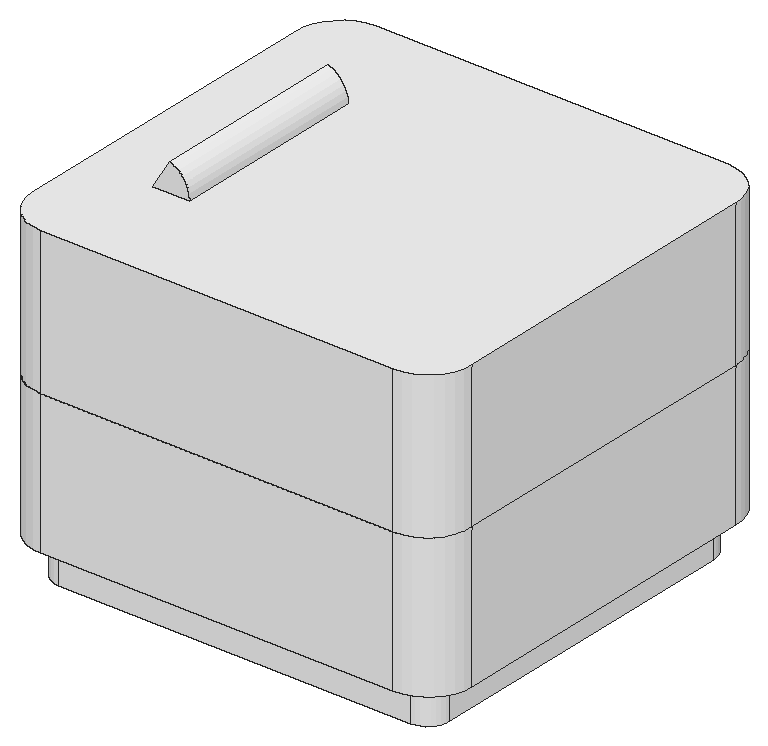
Revit family "Gira_078530", category Electrical Fixtures, host Face, Revit 2017
Family settings
  Host = Face
  Maintain Annotation Orientation = Yes
  Round Connector Dimension = Use Diameter
  Part Type = Normal
  Cut with Voids When Loaded = No
  Shared = No
  Room Calculation Point = No
Parameters (values of type "SCHUKO 2-g vert. HC + in.sp. amm.res. WP surface-mounted grey")
  URL = "http://katalog.gira.de/en/datenblatt.html?artikelnr=078530"
  Transparent = "No"
  Name = "SCHUKO 2-g vert. HC + in.sp. amm.res. WP surface-mounted grey"
  Model = "Protective contact (SCHUKO)"
  Manufacturer URL = "https://www.gira.de/"
  Manufacturer = "Gira"
  Keynote = ""
  HeinzeBIM = "https://bimportal.heinze.de/bim/schuko-2-g-vert-hc-in-sp-amm-res-wp-surface-mounted-grey/9d513d7b1202739c93fb18003806af32fe7aa430"
  HAN = "078530"
  GTIN = "4010337785309"
  Description = "SCHUKO 2g vert in.sp.am.r. WP SM GY,SCHUKO double socket outlet 16 A 250 V~ vertical with hinged cover and inscription space, ammonia-resistant,,grey,Features:,- With screw terminals.,,Notes :,- Resistant to air containing ammonia due to specially-alloyed metal parts."
  Default Elevation = 1219.2 mm
  Data sheet (1) = "https://katalog.gira.de/en/download.html?artikelnr=078530"
  Category = "Socket outlet"
  BIM (1) = "https://media.stage.bim.site/public/gira/36a6b08/IP44_Komplettgerät_Steckdose.rfa?public/gira/36a6b08/IP44_Komplettgerät_Steckdose.rfa"
  Available = "No"
Reference planes
  plane 1 "Center (Front/Back)": y = 0
  plane 2: z = 0
  plane 3 "Center (Left/Right)": x = 0
Forms (mm)
  Extrusion 1, solid, material "White", detail levels fine
    sketch origin (41, 0, 0) x (1, 0, 0) y (0, 1, 0)
      loop
        line (-9, 38) -> (-73, 38)
        arc (-73, 38) -> (-78.657, 35.657) -> (-81, 30) r 8
        line (-81, 30) -> (-81, -30)
        arc (-81, -30) -> (-78.657, -35.657) -> (-73, -38) r 8
        line (-73, -38) -> (-9, -38)
        arc (-9, -38) -> (-3.343, -35.657) -> (-1, -30) r 8
        line (-1, -30) -> (-1, 30)
        arc (-1, 30) -> (-3.343, 35.657) -> (-9, 38) r 8
    from 0 to 26
  Extrusion 2, solid, material "White", detail levels fine
    sketch origin (41, 0, 0) x (1, 0, 0) y (0, 1, 0)
      loop
        line (-9, 38) -> (-73, 38)
        arc (-73, 38) -> (-78.657, 35.657) -> (-81, 30) r 8
        line (-81, 30) -> (-81, -30)
        arc (-81, -30) -> (-78.657, -35.657) -> (-73, -38) r 8
        line (-73, -38) -> (-9, -38)
        arc (-9, -38) -> (-3.343, -35.657) -> (-1, -30) r 8
        line (-1, -30) -> (-1, 30)
        arc (-1, 30) -> (-3.343, 35.657) -> (-9, 38) r 8
    from 26 to 52.5
  Extrusion 3, solid, material "White", detail levels fine
    sketch origin (41, 0, 0) x (1, 0, 0) y (0, 0, 1)
      loop
        line (-68.7, 52.5) -> (-62.067, 52.5)
        arc (-62.067, 52.5) -> (-63.019, 55.628) -> (-65.7, 57.5) r 5
        line (-65.7, 57.5) -> (-68.7, 52.5)
    from 18 to -18
  Extrusion 4, solid, material "White", detail levels medium
    sketch origin (41, -5.734, 0) x (1, 0, 0) y (0, 1, 0)
      loop
        line (-9, 43.734) -> (-73, 43.734)
        arc (-73, 43.734) -> (-78.657, 41.391) -> (-81, 35.734) r 8
        line (-81, 35.734) -> (-81, -24.266)
        arc (-81, -24.266) -> (-78.657, -29.923) -> (-73, -32.266) r 8
        line (-73, -32.266) -> (-9, -32.266)
        arc (-9, -32.266) -> (-3.343, -29.923) -> (-1, -24.266) r 8
        line (-1, -24.266) -> (-1, 35.734)
        arc (-1, 35.734) -> (-3.343, 41.391) -> (-9, 43.734) r 8
    from 0 to 52.5
  Extrusion 5, solid, material "White", detail levels medium
    sketch origin (41, 0, 0) x (1, 0, 0) y (0, 0, 1)
      loop
        line (-68.7, 57.5) -> (-68.7, 52.5) -> (-62.067, 52.5) -> (-62.067, 57.5) -> (-68.7, 57.5)
    from -18 to 18
  Extrusion 6, solid, material "White", detail levels coarse
    sketch origin (41, 0, 0) x (1, 0, 0) y (0, 1, 0)
      loop
        line (-1, 38) -> (-81, 38) -> (-81, -38) -> (-1, -38) -> (-1, 38)
    from -7 to 57.5
  Extrusion 7, solid, material "White", detail levels medium+fine
    sketch origin (41, 0, 0) x (1, 0, 0) y (0, 1, 0)
      loop
        line (-9, 34) -> (-73, 34)
        arc (-73, 34) -> (-75.828, 32.828) -> (-77, 30) r 4
        line (-77, 30) -> (-77, -30)
        arc (-77, -30) -> (-75.828, -32.828) -> (-73, -34) r 4
        line (-73, -34) -> (-9, -34)
        arc (-9, -34) -> (-6.172, -32.828) -> (-5, -30) r 4
        line (-5, -30) -> (-5, 30)
        arc (-5, 30) -> (-6.172, 32.828) -> (-9, 34) r 4
    from 0 to -7
Dimensions and locks
  Extrusion 6 to plane 3 "Center (Left/Right)" to Extrusion 6 = 40 mm, 40 mm
  aligned and locked: plane 2 to host face
  aligned and locked: level to host face
  aligned and locked: plane 3 "Center (Left/Right)" to nested 1
  aligned and locked: plane 1 "Center (Front/Back)" to nested 1
Nested families
  nested 1: "Steckdose 1-fach Beschriftung" at (0, 0, 0), type "Steckdose 1-fach Beschriftung"
Connectors
  electrical at (0, 0, -7)
    settings: on Extrusion 7, index 1, voltage 220 V, apparent load 0 VA, apparent load phase1 0 VA, apparent load phase2 0 VA, apparent load phase3 0 VA, power factor 1, load classification "Other", number of poles 1, system type 31, power factor state 1, is connector primary yes, connector utility no, sub classification motor no, connector description ""
Definition of nested family "Steckdose 1-fach Beschriftung"
  Reference planes
    plane 1: y = 0
    plane 2: x = 0
  Lines and regions (mm)
    detail lines
      curve 1: line (0, 0, 0) -> (0, 2, 0)
      curve 3: line (0, 2, 0) -> (-1, 2, 0)
      curve 4: arc (1, 3, 0) -> (0, 2, 0) -> (-1, 3, 0) r 1
      curve 5: line (0, 2, 0) -> (1, 2, 0)
    reference lines
      curve 2: line (-0.485, 3, 0) -> (2.315, 3, 0)
  Dimensions and locks
    curve 1 to curve 1 = 2 mm
    plane 1 to curve 2 = 3 mm
    curve 3 to curve 3 = 1 mm
